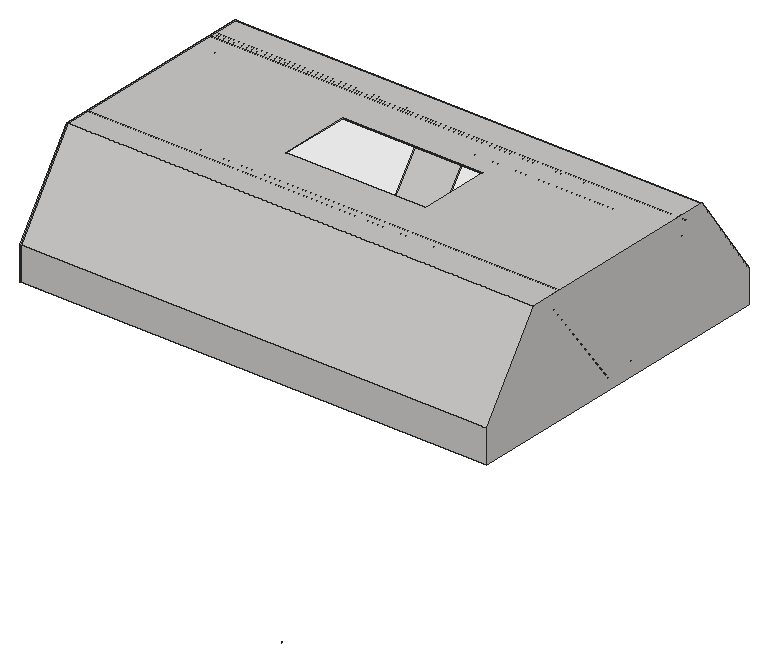
Revit family "QF_ELECTROLUXPROFESSIONAL_642347_BC1420DT", category Attrezzature speciali, Revit 2021
Family settings
  Quota connettore circolare = Usa diametro
  Tipo di parte = Normale
  Basato su piano di lavoro = No
  Sempre verticale = Sì
  Taglio con vuoti quando caricato = No
  Condiviso = No
  Punto di calcolo locali = No
Parameters (values of type "Standard")
  Weight = 60.00 kg
  Watts = 0 W
  Volts = 0 V
  URL Manufacturer = "https://www.electroluxprofessional.com/"
  URL = "https://www.electroluxprofessional.com/"
  Steam Supply Size = 0 mm
  Steam Supply Minimum Pressure = 0.0 Pa
  Steam Supply Maximum Pressure = 0.0 Pa
  Steam Consumption per Hour = 0
  Refrigeration Suction Line Size = 0 mm
  Refrigeration Liquid Line Size = 0 mm
  Refrigerant Compressor Remote = yes
  Prospetto di default = 0 mm
  Produttore = "Electrolux Professional"
  Phase = 0
  Modello = "BC1420DT"
  Length Actual = 2000 mm  # constant formula
  Item Number = "642347"
  Hot Water Size = 0 mm
  Height Actual = 500 mm  # constant formula
  HP = "0 HP"
  Gas Size = 0 mm
  Gas KW = 0
  Gas Input Pressure = 0 W
  Direct Waste Size = 0 mm
  Descrizione = "304 S/S ISLAND HOOD+FILTERS 2000X1400MM"
  Depth Actual = 1400 mm  # constant formula
  Cycle = 0 Hz
  Condensate Return Size = 0 mm
  Compressed Air Volume = 0.0 L/s
  Compressed Air Size = 0 mm
  Compressed Air Pressure = 0.0 Pa
  Cold Water Size = 0 mm
  Accessory = yes
Reference planes
  plane 1: z = 0
  plane 2 "Center (Left/Right)": x = 150
  plane 3 "LEFT": x = -850
  plane 4 "RIGHT": x = 1150
  plane 5 "BACK": y = 550
  plane 6 "TOP": z = 2500
  plane 7 "Base": z = 2000
  plane 8: z = 1946
  plane 9: x = -847
  plane 10 "DrainX": x = 999
  plane 11 "AOLeft2": x = 450
  plane 12: x = 1147
  plane 13: x = -650
  plane 14: x = 950
  plane 15: x = 50
  plane 16: x = 250
  plane 17 "AOLeft1": x = -150
  plane 18: y = 0
  plane 19: y = -300
  plane 20 "Center (Front/Back)": y = -150
  plane 21: y = -850
  plane 22: through (0, -201.379, 2046.209) normal (0, 0.8019, 0.5974)
  plane 23: through (0, -98.621, 2046.209) normal (0, 0.8019, -0.5974)
  plane 24: z = 2140
Forms (mm)
  Extrusion 1, solid, material "QF_Finishes_Stainless Steel"
    sketch origin (-850, 0, 360) x (0, 1, 0) y (0, 0, 1)
      loop
        line (550, 1640) -> (550, 1780) -> (299.446, 2140) -> (-599.446, 2140) -> (-850, 1780) -> (-850, 1640) -> (550, 1640)
    from 0 to 3
  Extrusion 2, solid, material "QF_Finishes_Stainless Steel"
    sketch origin (1150, 0, 360) x (0, 1, 0) y (0, 0, 1)
      loop
        line (550, 1640) -> (550, 1780) -> (299.446, 2140) -> (-599.446, 2140) -> (-850, 1780) -> (-850, 1640) -> (550, 1640)
    from 0 to -3
  Extrusion 3, solid, material "QF_Finishes_Stainless Steel"
    sketch origin (150, 0, 360) x (0, 1, 0) y (0, 0, 1)
      loop
        line (-599.446, 2140) -> (-850, 1780) -> (-850, 1640) -> (-840, 1640) -> (-840, 1640.8) -> (-849.2, 1640.8) -> (-849.2, 1779.739) -> (-599.025, 2139.19) -> (299.025, 2139.19) -> (549.2, 1779.739) -> (549.2, 1640.8) -> (540, 1640.8) -> (540, 1640) -> (550, 1640) -> (550, 1780) -> (299.446, 2140) -> (-599.446, 2140)
    from -1000 to 1000
  Extrusion 4, void
    sketch origin (0, 0, 2500) x (0, 1, 0) y (-1, 0, 0)
      loop
        line (0, -450) -> (0, 150) -> (-300, 150) -> (-300, -450) -> (0, -450)
    from 0 to -10
  Extrusion 5, solid, material "QF_Finishes_Stainless Steel"
    sketch origin (0, 0, 0) x (1, 0, 0) y (0, 1, 0)
      loop
        line (-850, 550) -> (-850, 549) -> (-849, 549) -> (-849, 550) -> (-850, 550)
    from 0 to 1
  Extrusion 6, solid, material "QF_Finishes_Stainless Steel"
    sketch origin (150, -400, 360) x (0, 1, 0) y (0, 0, 1)
      loop
        line (-98.883, 2085.553) -> (198.621, 1686.209) -> (214.66, 1698.157) -> (-82.844, 2097.501) -> (-98.883, 2085.553)
      loop
        line (598.883, 2085.553) -> (582.844, 2097.501) -> (285.34, 1698.157) -> (301.379, 1686.209) -> (598.883, 2085.553)
    from -800 to -997
  Extrusion 7, solid, material "QF_Finishes_Stainless Steel"
    sketch origin (150, -400, 360) x (0, 1, 0) y (0, 0, 1)
      loop
        arc (316.056, 1704.554) -> (315.455, 1704.706) -> (314.923, 1704.389) r 0.81
        line (314.923, 1704.389) -> (300.465, 1684.991) -> (283.389, 1687.002) -> (286.391, 1712.615) -> (285.593, 1712.708) -> (282.594, 1687.095)
        arc (282.594, 1687.095) -> (282.763, 1686.499) -> (283.305, 1686.197) r 0.81
        line (283.305, 1686.197) -> (300.372, 1684.196)
        arc (300.372, 1684.196) -> (300.787, 1684.257) -> (301.116, 1684.517) r 0.81
        line (301.116, 1684.517) -> (315.564, 1703.911) -> (326.308, 1695.919) -> (300.145, 1660.79) -> (199.855, 1660.79) -> (173.692, 1695.919) -> (184.436, 1703.911) -> (198.884, 1684.517)
        arc (198.884, 1684.517) -> (199.213, 1684.257) -> (199.628, 1684.196) r 0.81
        line (199.628, 1684.196) -> (216.695, 1686.197)
        arc (216.695, 1686.197) -> (217.237, 1686.499) -> (217.406, 1687.095) r 0.81
        line (217.406, 1687.095) -> (214.407, 1712.708) -> (213.609, 1712.615) -> (216.611, 1687.002) -> (199.535, 1684.991) -> (185.077, 1704.389)
        arc (185.077, 1704.389) -> (184.545, 1704.706) -> (183.944, 1704.554) r 0.81
        line (183.944, 1704.554) -> (173.214, 1696.561)
        arc (173.214, 1696.561) -> (172.897, 1696.028) -> (173.049, 1695.427) r 0.81
        line (173.049, 1695.427) -> (199.157, 1660.381)
        arc (199.157, 1660.381) -> (199.5, 1660.093) -> (199.937, 1659.99) r 0.972
        line (199.937, 1659.99) -> (300.049, 1659.99)
        arc (300.049, 1659.99) -> (300.498, 1660.096) -> (300.851, 1660.393) r 1
        line (300.851, 1660.393) -> (326.951, 1695.427)
        arc (326.951, 1695.427) -> (327.103, 1696.028) -> (326.786, 1696.561) r 0.81
        line (326.786, 1696.561) -> (316.056, 1704.554)
      loop
        line (-92.735, 2139.19) -> (-92.735, 2129.205) -> (-117.587, 2110.686)
        arc (-117.587, 2110.686) -> (-117.904, 2110.153) -> (-117.752, 2109.552) r 0.81
        line (-117.752, 2109.552) -> (-84.894, 2065.446) -> (-95.625, 2057.438) -> (-95.147, 2056.796) -> (-84.418, 2064.79)
        arc (-84.418, 2064.79) -> (-84.1, 2065.322) -> (-84.252, 2065.923) r 0.81
        line (-84.252, 2065.923) -> (-117.117, 2110.038) -> (-91.935, 2128.798) -> (-91.935, 2138.4) -> (-62.776, 2138.4) -> (-62.776, 2070.563) -> (-61.976, 2069.49) -> (-61.976, 2139.19) -> (-92.735, 2139.19)
      loop
        line (592.735, 2139.19) -> (561.976, 2139.19) -> (561.976, 2069.49) -> (562.776, 2070.563) -> (562.776, 2138.4) -> (591.935, 2138.4) -> (591.935, 2128.798) -> (617.117, 2110.038) -> (584.252, 2065.923)
        arc (584.252, 2065.923) -> (584.1, 2065.322) -> (584.418, 2064.79) r 0.81
        line (584.418, 2064.79) -> (595.147, 2056.796) -> (595.625, 2057.438) -> (584.894, 2065.446) -> (617.752, 2109.552)
        arc (617.752, 2109.552) -> (617.904, 2110.153) -> (617.587, 2110.686) r 0.81
        line (617.587, 2110.686) -> (592.735, 2129.205) -> (592.735, 2139.19)
    from -997 to 997
  Extrusion 8, solid, material "QF_Finishes_Stainless Steel"
    sketch origin (150, -400, 360) x (0, 1, 0) y (0, 0, 1)
      loop
        line (-98.883, 2085.553) -> (198.621, 1686.209) -> (214.66, 1698.157) -> (-82.844, 2097.501) -> (-98.883, 2085.553)
      loop
        line (598.883, 2085.553) -> (582.844, 2097.501) -> (285.34, 1698.157) -> (301.379, 1686.209) -> (598.883, 2085.553)
    from 997 to 800
  Extrusion 9, solid, material "QF_Finishes_Stainless Steel"
    sketch origin (150, -400, 360) x (0, 1, 0) y (0, 0, 1)
      loop
        line (-98.883, 2085.553) -> (198.621, 1686.209) -> (214.66, 1698.157) -> (-82.844, 2097.501) -> (-98.883, 2085.553)
      loop
        line (598.883, 2085.553) -> (582.844, 2097.501) -> (285.34, 1698.157) -> (301.379, 1686.209) -> (598.883, 2085.553)
    from -100 to 100
  Extrusion 10, solid, material "QF_Finished_Chrome"
    sketch origin (150, -400, 360) x (0, 1, 0) y (0, 0, 1)
      loop
        line (-98.883, 2085.553) -> (198.621, 1686.209) -> (214.66, 1698.157) -> (-82.844, 2097.501) -> (-98.883, 2085.553)
      loop
        line (598.883, 2085.553) -> (582.844, 2097.501) -> (285.34, 1698.157) -> (301.379, 1686.209) -> (598.883, 2085.553)
    from -800 to -100
  Extrusion 11, solid, material "QF_Finished_Chrome"
    sketch origin (150, -400, 360) x (0, 1, 0) y (0, 0, 1)
      loop
        line (-98.883, 2085.553) -> (198.621, 1686.209) -> (214.66, 1698.157) -> (-82.844, 2097.501) -> (-98.883, 2085.553)
      loop
        line (598.883, 2085.553) -> (582.844, 2097.501) -> (285.34, 1698.157) -> (301.379, 1686.209) -> (598.883, 2085.553)
    from 100 to 800
  Sweep 12, solid, material "QF_Finishes_Stainless Steel"
    path origin (0, 0, 0) x (1, 0, 0) y (0, 1, 0)
      loop
        line (1150, 550) -> (-850, 550) -> (-850, -850) -> (1150, -850) -> (1150, 550)
    profile origin (1150, -150, 0) x (1, 0, 0) y (0, 0, 1)
      loop
        line (-3, 2000) -> (-3, 2000.8) -> (-19, 2000.8) -> (-19, 2010) -> (-20, 2010) -> (-20, 2000) -> (-3, 2000)
  Extrusion 13, solid, material "QF_Finishes_Stainless Steel"
    sketch origin (999, 0, 0) x (0, 1, 0) y (0, 0, 1)
      loop
        arc (-118.5, 1946) -> (-111.429, 1948.929) -> (-108.5, 1956) r 10
        line (-108.5, 1956) -> (-108.5, 2000.8) -> (-191.5, 2000.8) -> (-191.5, 1956)
        arc (-191.5, 1956) -> (-188.571, 1948.929) -> (-181.5, 1946) r 10
        line (-181.5, 1946) -> (-118.5, 1946)
    from -90 to 90
  Extrusion 14, solid, material "QF_Finishes_Stainless Steel"
    sketch origin (0, -1100, 2000) x (0, 1, 0) y (-1, 0, 0)
      loop
        circle (950, -999) r 6.35
    from -3.799 to 0
Cuts and joins
  Extrusion 4 cuts Extrusion 3
  joined: Extrusion 2, Extrusion 3, Sweep 12
Lines and regions (mm)
  symbolic lines, style "SpecialityEquipment", detail levels coarse
    curve 1: line (1150, 550, 2500) -> (-850, 550, 2500)
    curve 2: line (-850, 550, 2500) -> (-850, -850, 2500)
    curve 3: line (1150, -850, 2500) -> (1150, 550, 2500)
    curve 4: line (-850, 299.025, 0) -> (1149.504, -599.025, 0)
    curve 5: line (1149.568, 299.025, 0) -> (-850, -599.025, 0)
  symbolic lines, detail levels coarse
    curve 6: line (-150, -300, 0) -> (450, -300, 0)
    curve 7: line (-150, 0, 0) -> (-150, -300, 0)
    curve 8: line (450, 0, 0) -> (-150, 0, 0)
    curve 9: line (450, -300, 0) -> (450, 0, 0)
    curve 10: line (-850, 299.025, 0) -> (1149.568, 299.025, 0)
    curve 11: line (1149.504, -599.025, 0) -> (-850, -599.025, 0)
    curve 12: line (1147, -849.2, 0) -> (-853, -849.2, 0)
Dimensions and locks
  plane 3 "LEFT" to plane 4 "RIGHT" = 2000 mm
  equal spacing: plane 3 "LEFT", plane 2 "Center (Left/Right)", plane 4 "RIGHT"
  plane 3 "LEFT" to plane 9 = 3 mm
  plane 10 "DrainX" to plane 4 "RIGHT" = 151 mm
  plane 12 to plane 4 "RIGHT" = 3 mm
  plane 3 "LEFT" to plane 13 = 200 mm
  plane 14 to plane 4 "RIGHT" = 200 mm
  locked: plane 7 "Base" to level at 2000
  locked: plane 15 to plane 16 at 200
  equal spacing: plane 15, plane 2 "Center (Left/Right)", plane 16
  plane 7 "Base" to plane 8 = 54 mm
  locked: plane 6 "TOP" to plane 7 "Base" at 500
  plane 5 "BACK" to plane 21 = 1400 mm  (x2)
  equal spacing: plane 5 "BACK", plane 20 "Center (Front/Back)", plane 21
  plane 19 to plane 18 = 300 mm
  equal spacing: plane 19, plane 20 "Center (Front/Back)", plane 18
  plane 24 to plane 7 "Base" = 140 mm
  locked: plane 17 "AOLeft1" to plane 11 "AOLeft2" at 600
  aligned and locked: level to plane 1
  aligned and locked: plane 4 "RIGHT" to Extrusion 3
  aligned and locked: Extrusion 3 to plane 3 "LEFT"
  aligned and locked: Extrusion 6 to plane 9
  aligned and locked: plane 13 to Extrusion 6
  aligned and locked: Extrusion 2 to plane 12
  aligned and locked: plane 12 to Extrusion 8
  aligned and locked: Extrusion 8 to plane 14
  aligned and locked: plane 16 to Extrusion 9
  aligned and locked: Extrusion 9 to plane 15
  aligned and locked: plane 15 to Extrusion 10
  aligned and locked: Extrusion 10 to plane 13
  aligned and locked: Extrusion 11 to plane 16
  aligned and locked: Extrusion 11 to plane 14
  aligned and locked: Extrusion 7 to plane 9
  aligned and locked: plane 12 to Extrusion 7
  aligned and locked: Extrusion 4 to plane 17 "AOLeft1"
  aligned and locked: Extrusion 4 to plane 11 "AOLeft2"
  aligned and locked: plane 19 to Extrusion 4
  aligned and locked: plane 18 to Extrusion 4
Automatic sketch dimensions
  Extrusion 4 sketch curve to plane 11 "AOLeft2" = 0 mm
  Extrusion 4 sketch curve to plane 17 "AOLeft1" = 0 mm
  Extrusion 5 sketch curve to plane 3 "LEFT" = 0 mm
  Extrusion 5 sketch curve to plane 5 "BACK" = 0 mm
  plane 3 "LEFT" to Extrusion 5 sketch curve = 1 mm
  Extrusion 5 sketch curve to Extrusion 5 sketch curve = 1 mm
  Sweep 12 sketch curve to plane 3 "LEFT" = 0 mm
  Sweep 12 sketch curve to plane 4 "RIGHT" = 0 mm
  Sweep 12 sketch curve to plane 5 "BACK" = 0 mm
  profile plane to Sweep 12 sketch curve = 20 mm
  Sweep 12 sketch curve to Sweep 12 sketch curve = 1 mm
  profile plane to Sweep 12 sketch curve = 3 mm
  level to Sweep 12 sketch curve = 2000 mm
  Sweep 12 sketch curve to Sweep 12 sketch curve = 0.8 mm
  Sweep 12 sketch curve to Sweep 12 sketch curve = 9.2 mm
  plane 19 to Sweep 12 sketch curve = 550 mm
  plane 19 to Extrusion 4 sketch curve = 0 mm
  Extrusion 4 sketch curve to plane 18 = 0 mm
  Extrusion 14 sketch curve to plane 10 "DrainX" = 0 mm
  Extrusion 14 sketch curve to plane 20 "Center (Front/Back)" = 0 mm
  Extrusion 13 sketch curve to plane 8 = 0 mm
  plane 8 to Extrusion 13 sketch curve = 10 mm
  Extrusion 13 sketch curve to plane 20 "Center (Front/Back)" = 41.5 mm
  plane 20 "Center (Front/Back)" to Extrusion 13 sketch curve = 31.5 mm
  plane 7 "Base" to Extrusion 13 sketch curve = 0.8 mm
  plane 20 "Center (Front/Back)" to Extrusion 13 sketch curve = 41.5 mm
  plane 19 to Extrusion 6 sketch curve = 198.883 mm
  Extrusion 6 sketch curve to plane 6 "TOP" = 42.499 mm  (x2)
  Extrusion 6 sketch curve to Extrusion 6 sketch curve = 16.039 mm  (x2)
  Extrusion 6 sketch curve to plane 20 "Center (Front/Back)" = 51.379 mm
  plane 20 "Center (Front/Back)" to Extrusion 6 sketch curve = 35.34 mm
  plane 18 to Extrusion 6 sketch curve = 182.844 mm
  Extrusion 6 sketch curve to Extrusion 6 sketch curve = 11.948 mm  (x2)
  Extrusion 7 sketch curve to plane 6 "TOP" = 30.448 mm  (x2)
  plane 19 to Extrusion 7 sketch curve = 217.752 mm
  Extrusion 7 sketch curve to plane 6 "TOP" = 29.314 mm  (x2)
  Extrusion 7 sketch curve to Extrusion 7 sketch curve = 0.166 mm  (x3)
  Extrusion 7 sketch curve to plane 6 "TOP" = 29.962 mm  (x2)
  Extrusion 7 sketch curve to Extrusion 7 sketch curve = 0.47 mm  (x2)
  Extrusion 7 sketch curve to Extrusion 7 sketch curve = 0.014 mm  (x2)
  Extrusion 7 sketch curve to plane 6 "TOP" = 82.562 mm  (x2)
  Extrusion 7 sketch curve to Extrusion 7 sketch curve = 22.127 mm
  Extrusion 7 sketch curve to plane 6 "TOP" = 83.204 mm  (x2)
  Extrusion 7 sketch curve to Extrusion 7 sketch curve = 0.478 mm  (x5)
  Extrusion 7 sketch curve to plane 6 "TOP" = 0.81 mm  (x2)
  Extrusion 7 sketch curve to Extrusion 7 sketch curve = 24.852 mm
  Extrusion 7 sketch curve to Extrusion 7 sketch curve = 0.8 mm  (x5)
  Extrusion 7 sketch curve to Extrusion 7 sketch curve = 10.724 mm
  Extrusion 7 sketch curve to plane 6 "TOP" = 74.554 mm  (x2)
  Extrusion 7 sketch curve to Extrusion 7 sketch curve = 0.008 mm  (x6)
  Extrusion 7 sketch curve to plane 6 "TOP" = 75.21 mm  (x2)
  Extrusion 7 sketch curve to plane 6 "TOP" = 74.077 mm  (x2)
  Extrusion 7 sketch curve to Extrusion 7 sketch curve = 0.642 mm  (x2)
  Extrusion 7 sketch curve to plane 6 "TOP" = 69.437 mm  (x2)
  Extrusion 7 sketch curve to Extrusion 7 sketch curve = 21.476 mm  (x2)
  Extrusion 7 sketch curve to plane 19 = 73.049 mm
  Extrusion 7 sketch curve to Extrusion 7 sketch curve = 0.006 mm  (x4)
  Extrusion 7 sketch curve to Extrusion 7 sketch curve = 10.73 mm  (x3)
  Extrusion 7 sketch curve to Extrusion 7 sketch curve = 0.484 mm  (x4)
  Extrusion 7 sketch curve to Extrusion 7 sketch curve = 0.641 mm  (x2)
  Extrusion 7 sketch curve to Extrusion 7 sketch curve = 14.448 mm
  plane 7 "Base" to Extrusion 7 sketch curve = 20.381 mm
  Extrusion 7 sketch curve to Extrusion 7 sketch curve = 0.273 mm
  Extrusion 7 sketch curve to Extrusion 7 sketch curve = 0.65 mm  (x2)
  Extrusion 7 sketch curve to Extrusion 7 sketch curve = 0.001 mm  (x4)
  Extrusion 7 sketch curve to Extrusion 7 sketch curve = 0.093 mm  (x2)
  plane 7 "Base" to Extrusion 7 sketch curve = 20.79 mm
  Extrusion 7 sketch curve to Extrusion 7 sketch curve = 0.698 mm
  Extrusion 7 sketch curve to Extrusion 7 sketch curve = 0.081 mm
  Extrusion 7 sketch curve to Extrusion 7 sketch curve = 28.531 mm
  Extrusion 7 sketch curve to Extrusion 7 sketch curve = 0.799 mm  (x2)
  Extrusion 7 sketch curve to Extrusion 7 sketch curve = 17.067 mm  (x2)
  Extrusion 7 sketch curve to Extrusion 7 sketch curve = 0.01 mm  (x4)
  Extrusion 7 sketch curve to Extrusion 7 sketch curve = 0.094 mm
  Extrusion 7 sketch curve to Extrusion 7 sketch curve = 0.795 mm  (x2)
  plane 20 "Center (Front/Back)" to Extrusion 7 sketch curve = 32.594 mm
  Extrusion 7 sketch curve to Extrusion 7 sketch curve = 0.71 mm
  Extrusion 7 sketch curve to Extrusion 7 sketch curve = 2.998 mm
  Extrusion 7 sketch curve to Extrusion 7 sketch curve = 16.745 mm
  Extrusion 7 sketch curve to Extrusion 7 sketch curve = 0.095 mm
  plane 7 "Base" to Extrusion 7 sketch curve = 20.393 mm
  Extrusion 7 sketch curve to Extrusion 7 sketch curve = 0.707 mm
  Extrusion 7 sketch curve to Extrusion 7 sketch curve = 0.651 mm
  Extrusion 7 sketch curve to Extrusion 7 sketch curve = 14.456 mm
  Extrusion 7 sketch curve to plane 6 "TOP" = 70.51 mm  (x2)
  plane 18 to Extrusion 7 sketch curve = 161.976 mm
  Extrusion 7 sketch curve to plane 6 "TOP" = 1.6 mm
  Extrusion 7 sketch curve to Extrusion 7 sketch curve = 29.159 mm
  Extrusion 7 sketch curve to Extrusion 7 sketch curve = 24.368 mm
  Extrusion 7 sketch curve to Extrusion 7 sketch curve = 0.636 mm
  Extrusion 7 sketch curve to Extrusion 7 sketch curve = 23.206 mm
  Extrusion 7 sketch curve to Extrusion 7 sketch curve = 23.234 mm
  Extrusion 7 sketch curve to Extrusion 7 sketch curve = 0.321 mm  (x2)
  Extrusion 7 sketch curve to Extrusion 7 sketch curve = 2.001 mm  (x2)
  Extrusion 7 sketch curve to Extrusion 7 sketch curve = 0.804 mm  (x2)
  Extrusion 7 sketch curve to Extrusion 7 sketch curve = 10.911 mm  (x2)
  Extrusion 7 sketch curve to Extrusion 7 sketch curve = 7.993 mm  (x2)
  Extrusion 7 sketch curve to Extrusion 7 sketch curve = 25.613 mm  (x2)
  Extrusion 7 sketch curve to Extrusion 7 sketch curve = 0.407 mm  (x2)
  Extrusion 7 sketch curve to Extrusion 7 sketch curve = 0.79 mm
  Extrusion 3 sketch curve to plane 7 "Base" = 0 mm  (x2)
  Extrusion 3 sketch curve to plane 21 = 0 mm
  Extrusion 3 sketch curve to plane 5 "BACK" = 0 mm
  plane 21 to Extrusion 3 sketch curve = 0.8 mm
  plane 7 "Base" to Extrusion 3 sketch curve = 0.8 mm  (x2)
  Extrusion 3 sketch curve to Extrusion 3 sketch curve = 9.2 mm
  plane 21 to Extrusion 3 sketch curve = 250.554 mm
  Extrusion 3 sketch curve to Extrusion 3 sketch curve = 0.421 mm  (x2)
  Extrusion 3 sketch curve to plane 6 "TOP" = 0.81 mm
  Extrusion 3 sketch curve to plane 5 "BACK" = 250.975 mm
  Extrusion 3 sketch curve to plane 5 "BACK" = 10 mm
  Extrusion 3 sketch curve to plane 5 "BACK" = 0.8 mm
  Extrusion 3 sketch curve to Extrusion 3 sketch curve = 138.939 mm  (x2)
  Extrusion 3 sketch curve to Extrusion 3 sketch curve = 0.261 mm  (x2)
  Extrusion 3 sketch curve to plane 6 "TOP" = 0 mm
  Extrusion 1 sketch curve to plane 7 "Base" = 0 mm
  Extrusion 1 sketch curve to plane 21 = 0 mm
  Extrusion 1 sketch curve to plane 6 "TOP" = 0 mm
  Extrusion 1 sketch curve to plane 5 "BACK" = 0 mm
  Extrusion 1 sketch curve to plane 5 "BACK" = 250.554 mm
  plane 7 "Base" to Extrusion 1 sketch curve = 140 mm
  Extrusion 1 sketch curve to Extrusion 1 sketch curve = 140 mm
  plane 21 to Extrusion 1 sketch curve = 250.554 mm
  plane 19 to Extrusion 10 sketch curve = 198.883 mm
  Extrusion 10 sketch curve to plane 6 "TOP" = 42.499 mm  (x2)
  Extrusion 10 sketch curve to Extrusion 10 sketch curve = 16.039 mm  (x2)
  Extrusion 10 sketch curve to plane 20 "Center (Front/Back)" = 51.379 mm
  plane 20 "Center (Front/Back)" to Extrusion 10 sketch curve = 35.34 mm
  plane 18 to Extrusion 10 sketch curve = 182.844 mm
  Extrusion 10 sketch curve to Extrusion 10 sketch curve = 11.948 mm  (x2)
  plane 19 to Extrusion 9 sketch curve = 198.883 mm
  Extrusion 9 sketch curve to plane 6 "TOP" = 42.499 mm  (x2)
  Extrusion 9 sketch curve to Extrusion 9 sketch curve = 16.039 mm  (x2)
  Extrusion 9 sketch curve to plane 20 "Center (Front/Back)" = 51.379 mm
  plane 20 "Center (Front/Back)" to Extrusion 9 sketch curve = 35.34 mm
  plane 18 to Extrusion 9 sketch curve = 182.844 mm
  Extrusion 9 sketch curve to Extrusion 9 sketch curve = 11.948 mm  (x2)
  plane 19 to Extrusion 11 sketch curve = 198.883 mm
  Extrusion 11 sketch curve to plane 6 "TOP" = 42.499 mm  (x2)
  Extrusion 11 sketch curve to Extrusion 11 sketch curve = 16.039 mm  (x2)
  Extrusion 11 sketch curve to plane 20 "Center (Front/Back)" = 51.379 mm
  plane 20 "Center (Front/Back)" to Extrusion 11 sketch curve = 35.34 mm
  plane 18 to Extrusion 11 sketch curve = 182.844 mm
  Extrusion 11 sketch curve to Extrusion 11 sketch curve = 11.948 mm  (x2)
  plane 19 to Extrusion 8 sketch curve = 198.883 mm
  Extrusion 8 sketch curve to plane 6 "TOP" = 42.499 mm  (x2)
  Extrusion 8 sketch curve to Extrusion 8 sketch curve = 16.039 mm  (x2)
  Extrusion 8 sketch curve to plane 20 "Center (Front/Back)" = 51.379 mm
  plane 20 "Center (Front/Back)" to Extrusion 8 sketch curve = 35.34 mm
  plane 18 to Extrusion 8 sketch curve = 182.844 mm
  Extrusion 8 sketch curve to Extrusion 8 sketch curve = 11.948 mm  (x2)
  Extrusion 2 sketch curve to plane 7 "Base" = 0 mm
  Extrusion 2 sketch curve to plane 21 = 0 mm
  Extrusion 2 sketch curve to plane 5 "BACK" = 0 mm
  Extrusion 2 sketch curve to plane 24 = 0 mm  (x2)
  Extrusion 2 sketch curve to plane 5 "BACK" = 250.554 mm
  plane 21 to Extrusion 2 sketch curve = 250.554 mm
  Extrusion 2 sketch curve to plane 6 "TOP" = 0 mm
  curve 2 to plane 3 "LEFT" = 0 mm
  curve 2 to plane 21 = 0 mm
  curve 3 to plane 4 "RIGHT" = 0 mm
  curve 3 to plane 21 = 0 mm
  curve 2 to plane 5 "BACK" = 0 mm
  curve 11 to plane 3 "LEFT" = 0 mm
  curve 10 to plane 3 "LEFT" = 0 mm
  curve 7 to plane 17 "AOLeft1" = 0 mm
  curve 8 to plane 11 "AOLeft2" = 0 mm
  curve 12 to plane 12 = 0 mm
  plane 19 to curve 6 = 0 mm
  curve 9 to plane 18 = 0 mm
  curve 4 to plane 4 "RIGHT" = 0.496 mm
  curve 10 to plane 4 "RIGHT" = 0.432 mm
  plane 21 to curve 11 = 250.975 mm
  curve 10 to plane 5 "BACK" = 250.975 mm
  plane 21 to curve 12 = 0.8 mm
  curve 12 to plane 3 "LEFT" = 3 mm
  radius of Extrusion 14 sketch curve = 6.35 mm
Connectors
  hvac at (150, -150, 2500)
    settings: on Extrusion 4, index 2, duct flow 0.0 L/s, flow factor 0, pres drop 0.0 Pa, loss coef 0, conn angle 0.00°, conn width 300 mm, conn height 0 mm, conn diameter 609.6 mm, duct sys type 3, conn prof type 1, flow config 1, flow direction 2, loss method 0, conn ref index -1, conn util no, is conn primary yes, conn desc "EXHAUST OUTLET"
  piping at (999, -150, 1996.201), diameter 12.7
    settings: on Extrusion 14, index 4, connector inside diameter 609.6 mm, connector length 0 mm, flow factor 0, pipe flow 0.0 L/s, pressure drop 0.0 Pa, fitting loss kfactor 0, connector angle 0.00°, fixture units 0, engagement length 0 mm, angle of deflection 0.00°, flow configuration 1, flow direction 2, fitting loss method 0, system type 16, joint type 0, gender type 0, connector reference index -1, connector utility 0, adjustable connector no, is connector primary yes, connector description "Drain"
